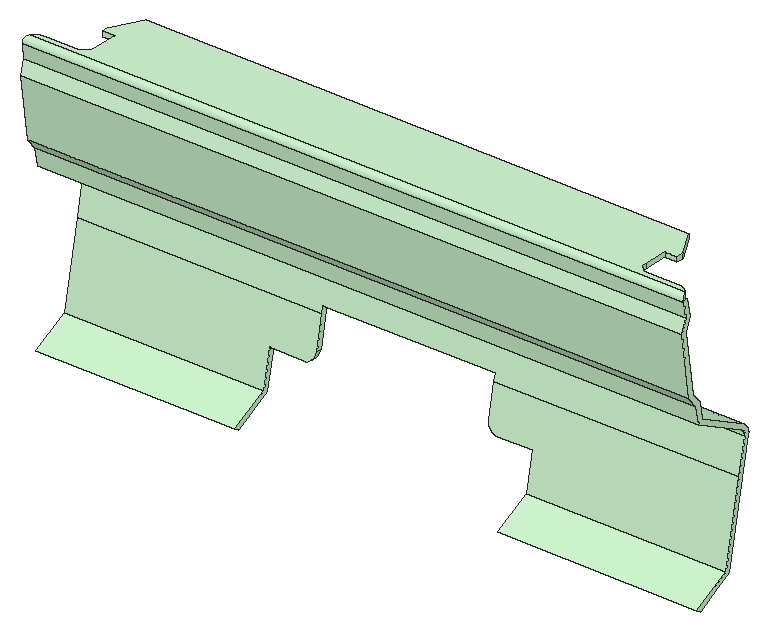
Revit family "WS-100スペーサー", category 機械設備, Revit 2020
Family settings
  丸型コネクタ寸法 = 直径を使用
  種別 = なし
  パーツ タイプ = 標準
  作業面ベース = いいえ
  常に垂直 = はい
  ロード時にボイドで切り取り = いいえ
  共有 = いいえ
  部屋計算ポイント = いいえ
Parameters
  製造元 = "株式会社桐井製作所"
  既定の高さ = 0 mm
  URL = "https://www.kirii.co.jp/"
  K_材質 = "SGCCまたはSGHC　一般用"
  K_品名 = "WS-100スペーサー"
  K_名称 = "スペーサー"
  K_単位質量(kg/個) = 0.031
  K_入数 = "400"
  K_バージョン情報 = "20210524"
  K_めっき付着量 = "Z12"
  K_JIS規格 = "JIS G 3302"
  K_JIS外 [instance] = not(K_JIS)  # no
  K_JIS [instance] = yes
Reference planes
  plane 1 "中心(正面/背面)": y = 0
  plane 2: z = 0
  plane 3 "中心(左/右)": x = 0
Forms (mm)
  Extrusion 1, solid
    sketch origin (0, 0, 0) x (0, 0.987688, 0.156434) y (0, -0.156434, 0.987688)
      loop
        line (0, 0) -> (-10.631, 1.684)
        arc (-10.631, 1.684) -> (-11.276, 1.502) -> (-11.556, 0.894) r 0.8
        line (-11.556, 0.894) -> (-11.556, -1.17) -> (-12.556, -2.902) -> (-12.556, -11.902) -> (-11.556, -13.634) -> (-11.556, -16.134) -> (-4.458, -21.483)
        arc (-4.458, -21.483) -> (-4.17, -21.901) -> (-4.193, -22.408) r 0.8
        line (-4.193, -22.408) -> (-5.984, -27.075) -> (-10.062, -37.698) -> (-15.555, -39.59) -> (-14.96, -40.126) -> (-12.168, -39.164) -> (-9.525, -38.253) -> (-3.539, -22.659)
        arc (-3.539, -22.659) -> (-3.498, -21.708) -> (-4.037, -20.923) r 1.5
        line (-4.037, -20.923) -> (-10.856, -15.785) -> (-10.856, -13.446) -> (-11.856, -11.714) -> (-11.856, -3.089) -> (-10.856, -1.357) -> (-10.856, 1.011) -> (0.274, -0.752) -> (0, 0)
    from -47.5 to 47.5
  Extrusion 2, void
    sketch origin (0, 0, 0) x (1, 0, 0) y (0, 1, 0)
      loop
        line (-48.868, 0.662) -> (-48.868, -11.947) -> (-47.5, -11.947)
        arc (-47.5, -11.947) -> (-46.914, -10.533) -> (-45.5, -9.947) r 2
        line (-45.5, -9.947) -> (-41.05, -9.947)
        arc (-41.05, -9.947) -> (-39.989, -9.508) -> (-39.55, -8.447) r 1.5
        line (-39.55, -8.447) -> (-39.55, -4.947) -> (-41.3, -4.947) -> (-41.3, -3.947) -> (-39, 0.053) -> (39, 0.053) -> (41.3, -3.947) -> (41.3, -4.947) -> (39.55, -4.947) -> (39.55, -8.447)
        arc (39.55, -8.447) -> (39.989, -9.508) -> (41.05, -9.947) r 1.5
        line (41.05, -9.947) -> (45.5, -9.947)
        arc (45.5, -9.947) -> (46.914, -10.533) -> (47.5, -11.947) r 2
        line (47.5, -11.947) -> (49.171, -11.947) -> (49.171, 0.662) -> (-48.868, 0.662)
    from -0.7 to 0
  Extrusion 3, void
    sketch origin (0, 0, 0) x (1, 0, 0) y (0, 0, 1)
      loop
        line (-18.9, -48.094) -> (18.9, -48.094) -> (18.9, -33.699) -> (13.9, -33.699)
        arc (13.9, -33.699) -> (12.839, -33.26) -> (12.4, -32.199) r 1.5
        line (12.4, -32.199) -> (12.4, -26.699) -> (-12.4, -26.699) -> (-12.4, -32.199)
        arc (-12.4, -32.199) -> (-12.839, -33.26) -> (-13.9, -33.699) r 1.5
        line (-13.9, -33.699) -> (-18.9, -33.699) -> (-18.9, -48.094)
    from -2.451 to 9.982
Cuts and joins
  Extrusion 2, Extrusion 3 cuts Extrusion 1
Dimensions and locks
  aligned and locked: level to plane 2
